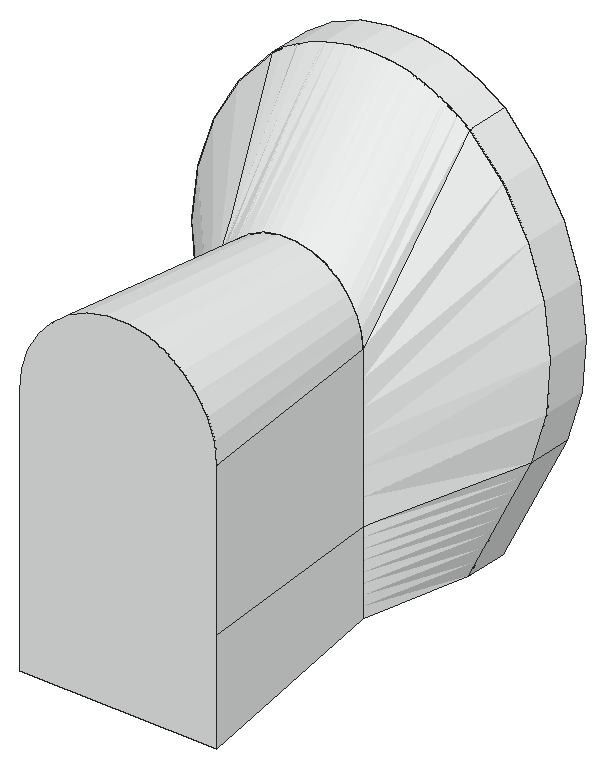
Revit family "Vaso_Val", category Plumbing Fixtures, host Face, Revit 2020
Family settings
  Host = Face
  Round Connector Dimension = Use Radius
  Part Type = Normal
  Cut with Voids When Loaded = No
  Shared = No
  Room Calculation Point = No
Parameters (values of type "VAS_VAL")
  WFU = 0
  URL = ""
  Raio Água Fria = 20 mm  # constant formula
  Raio Ponto de Esgoto = 50 mm  # constant formula
  Pressão = "2 a 40 mca"  # constant formula
  Model = ""
  Material Bacia = CT_Louças_Sanitárias
  Manufacturer = ""
  Flow Pressure = 0.00 psi
  Diâmetro Água Fria = Raio Água Fria * 2  # 40 mm
  Diâmetro Ponto de Esgoto = Raio Ponto de Esgoto * 2  # 100 mm
  Description = "Descrição do tipo"
  Default Elevation = 0 mm
  Código = ""
  Consumo = "6 lpf"  # constant formula
  CWFU = 0
  Assembly Code = "D2010110"
  Acompanha o Produto = ""
Reference planes
  plane 1 "Center (Front/Back)": y = 0
  plane 2: z = 0
  plane 3 "Center (Left/Right)": x = 0
  plane 4 "Top 2": y = 380
  plane 5 "Front 3": z = 573.75
  plane 6 "Front 1": z = 100
  plane 7 "Left 1": x = -187.322
  plane 8 "Right 1": x = 187.322
  plane 9 "Front 2": z = 260.003
  plane 10 "Top 1": y = 330
Forms (mm)
  Extrusion 1, solid, material "CT_Louças_Sanitárias" <- "Material Bacia", not visible
    sketch origin (0, 0, 122.514) x (1, 0, 0) y (0, 0, 1)
      loop
        circle (0, 137.486) r 50
    from 0 to -5.298
  Extrusion 2, solid, material "CT_Louças_Sanitárias" <- "Material Bacia", not visible
    sketch origin (0, 0, 0) x (1, 0, 0) y (0, 1, 0)
      loop
        circle (0, 330) r 19.05
    from 0 to -7.354
  Blend 3, solid, material "CT_Louças_Sanitárias" <- "Material Bacia"
    base sketch origin (0, 0, 0) x (1, 0, 0) y (0, 0, 1)
      loop
        line (-102.9, 368.106) -> (-102.9, 206.479) -> (-102.9, 106.479) -> (102.9, 106.479) -> (102.9, 212.233) -> (102.9, 370.942)
        arc (102.9, 370.942) -> (-1.398, 471.016) -> (-102.9, 368.106) r 102.919
    top sketch origin (0, 0, 0) x (1, 0, 0) y (0, 0, 1)
      loop
        line (-78.166, 373.106) -> (-78.166, 208.148) -> (-78.166, 122.542) -> (78.166, 122.542) -> (78.166, 208.148) -> (78.166, 373.106)
        arc (78.166, 373.106) -> (0, 451.272) -> (-78.166, 373.106) r 78.166
    from 0 to -220.356
  Blend 4, solid, material "CT_Louças_Sanitárias" <- "Material Bacia"
    base sketch origin (0, 0, 0) x (1, 0, 0) y (0, 0, 1)
      loop
        line (-78.166, 373.106) -> (-78.166, 208.148) -> (-78.166, 122.542) -> (78.166, 122.542) -> (78.166, 208.148) -> (78.166, 373.106)
        arc (78.166, 373.106) -> (0, 451.272) -> (-78.166, 373.106) r 78.166
    top sketch origin (0, 0, 0) x (1, 0, 0) y (0, 0, 1)
      loop
        arc (167.737, 251.688) -> (181.279, 406.351) -> (102.635, 540.212) r 255.054
        arc (102.635, 540.212) -> (0, 576.532) -> (-102.635, 540.212) r 163.175
        arc (-102.635, 540.212) -> (-181.279, 406.351) -> (-167.737, 251.688) r 255.054
        line (-167.737, 251.688) -> (-101.412, 122.542) -> (101.412, 122.542) -> (167.737, 251.688)
    from -220.356 to -329.579
  Extrusion 5, solid, material "CT_Louças_Sanitárias" <- "Material Bacia"
    sketch origin (0, 0, 0) x (1, 0, 0) y (0, 0, 1)
      loop
        arc (-102.635, 540.212) -> (-181.279, 406.351) -> (-167.737, 251.688) r 255.054
        line (-167.737, 251.688) -> (-101.412, 122.542) -> (101.412, 122.542) -> (167.737, 251.688)
        arc (167.737, 251.688) -> (181.279, 406.351) -> (102.635, 540.212) r 255.054
        arc (102.635, 540.212) -> (0, 576.532) -> (-102.635, 540.212) r 163.175
      loop
        arc (-70.243, 502.095) -> (-137.534, 350.065) -> (-70.025, 198.131) r 205.054
        arc (-70.025, 198.131) -> (0, 173.231) -> (70.025, 198.131) r 110.912
        arc (70.025, 198.131) -> (137.534, 350.065) -> (70.243, 502.095) r 205.054
        arc (70.243, 502.095) -> (0, 526.532) -> (-70.243, 502.095) r 113.175
    from -375 to -329.579
Lines and regions (mm)
  Masking region 1
    outline origin (0, 858.346, -21.126) x (0, 1, 0) y (0, 0, 1)
      loop
        arc (-646.235, 494.127) -> (-676.865, 475.541) -> (-712.546, 472.297) r 79.476
        line (-712.546, 472.297) -> (-853.719, 491.713)
        arc (-853.719, 491.713) -> (-856.668, 491.001) -> (-858.346, 488.473) r 4.154
        line (-858.346, 488.473) -> (-858.346, 128.473)
        arc (-858.346, 128.473) -> (-857.318, 125.991) -> (-854.835, 124.962) r 3.511
        line (-854.835, 124.962) -> (-679.276, 135.502)
        arc (-679.276, 135.502) -> (-658.714, 139.719) -> (-640.163, 149.54) r 74
        arc (-640.163, 149.54) -> (-637.452, 150.916) -> (-634.452, 151.415) r 10.004
        line (-634.452, 151.415) -> (-565.007, 151.415)
        arc (-565.007, 151.415) -> (-564.686, 148.634) -> (-562.211, 147.328) r 3
        line (-562.211, 147.328) -> (-481.196, 147.328)
        arc (-481.196, 147.328) -> (-479.181, 148.163) -> (-478.346, 150.178) r 2.85
        line (-478.346, 150.178) -> (-478.346, 593.057)
        arc (-478.346, 593.057) -> (-479.254, 595.249) -> (-481.445, 596.156) r 3.099
        arc (-481.445, 596.156) -> (-572.237, 558.703) -> (-646.235, 494.127) r 302.364
  Masking region 2
    outline origin (-747.05, -8.528, 0) x (1, 0, 0) y (0, 1, 0)
      loop
        line (647.88, 8.528) -> (747.05, 8.528) -> (846.22, 8.528)
        arc (846.22, 8.528) -> (849.234, 10.17) -> (849.811, 13.554) r 3.933
        line (849.811, 13.554) -> (847.538, 29.616) -> (845.915, 34.925) -> (825.517, 179.067)
        arc (825.517, 179.067) -> (826.577, 196.52) -> (834.386, 212.165) r 43.751
        arc (834.386, 212.165) -> (896.668, 291.728) -> (934.586, 385.383) r 362.734
        arc (934.586, 385.383) -> (933.814, 387.46) -> (931.872, 388.528) r 3.179
        line (931.872, 388.528) -> (747.05, 388.528) -> (562.228, 388.528)
        arc (562.228, 388.528) -> (560.286, 387.46) -> (559.514, 385.383) r 3.179
        arc (559.514, 385.383) -> (597.433, 291.728) -> (659.714, 212.165) r 362.734
        arc (659.714, 212.165) -> (667.524, 196.52) -> (668.583, 179.067) r 43.751
        line (668.583, 179.067) -> (648.185, 34.925) -> (646.562, 29.616) -> (644.289, 13.554)
        arc (644.289, 13.554) -> (644.866, 10.17) -> (647.88, 8.528) r 3.933
  Masking region 3
    outline origin (0, 330, 0) x (-1, 0, 0) y (0, 0, 1)
      loop
        arc (107.126, 133.655) -> (146.468, 206.339) -> (176.858, 283.196) r 691.544
        arc (176.858, 283.196) -> (188.038, 353.196) -> (176.858, 423.196) r 224.734
        arc (176.858, 423.196) -> (142.268, 490.784) -> (88.572, 544.462) r 243.914
        arc (88.572, 544.462) -> (2.006, 573.263) -> (-85.302, 546.795) r 150.581
        arc (-85.302, 546.795) -> (-141.074, 492.401) -> (-176.851, 423.196) r 243.914
        arc (-176.851, 423.196) -> (-188.031, 353.196) -> (-176.851, 283.196) r 224.734
        arc (-176.851, 283.196) -> (-146.461, 206.339) -> (-107.119, 133.655) r 691.544
        arc (-107.119, 133.655) -> (-96.974, 125.83) -> (-84.578, 122.59) r 32.133
        line (-84.578, 122.59) -> (-74.586, 122.59)
        arc (-74.586, 122.59) -> (-62.545, 110.932) -> (-47.022, 104.614) r 44.069
        arc (-47.022, 104.614) -> (0.003, 100.008) -> (47.029, 104.613) r 242.379
        arc (47.029, 104.613) -> (62.552, 110.932) -> (74.594, 122.59) r 44.069
        line (74.594, 122.59) -> (81.058, 122.59)
        arc (81.058, 122.59) -> (95.377, 125.096) -> (107.126, 133.655) r 32.133
  symbolic lines
    curve 1: arc (-24.727, 0, 103.174) -> (-35.584, 0, 109.273) -> (-39.889, 0, 120.957) r 18.01
    curve 2: arc (24.991, 0, 103.174) -> (0.132, 0, 101.197) -> (-24.727, 0, 103.174) r 157.242
    curve 3: arc (40.154, 0, 120.957) -> (35.849, 0, 109.273) -> (24.991, 0, 103.174) r 18.01
    curve 4: line (-74.458, 0, 122.542) -> (74.54, 0, 122.542)
    curve 5: line (-39.889, 0, 120.957) -> (-39.889, 0, 122.542)
    curve 6: line (40.154, 0, 120.957) -> (40.154, 0, 122.542)
    curve 7: arc (0, 367, 126.078) -> (0, 364.879, 126.957) -> (0, 364, 129.078) r 3
    curve 8: line (0, 364, 220.731) -> (0, 364, 129.078)
    curve 9: line (0, 294.127, 196.205) -> (0, 294.127, 145.111)
    curve 10: line (0, 294.127, 145.111) -> (0, 234.854, 145.111)
    curve 11: arc (0, 248.635, 188.119) -> (0, 245.106, 165.538) -> (0, 234.854, 145.111) r 74
    curve 12: arc (0, 225.89, 241.495) -> (0, 242.712, 217.129) -> (0, 248.635, 188.119) r 74
    curve 13: line (0, 267.161, 221.081) -> (0, 294.127, 196.205)
    curve 14: arc (0, 234.372, 231.794) -> (0, 195.251, 269.713) -> (0, 153.45, 304.656) r 741.271
    curve 15: arc (0, 153.45, 304.656) -> (0, 152.939, 307.258) -> (0, 155.448, 308.117) r 2.016
    curve 16: arc (0, 155.448, 308.117) -> (0, 213.117, 266.925) -> (0, 267.161, 221.081) r 851.615
    curve 17: arc (0, 155.448, 308.117) -> (0, 145.743, 312.555) -> (0, 135.161, 313.934) r 35.78
    curve 18: arc (0, 135.161, 313.934) -> (0, 104.536, 314.293) -> (0, 74.206, 310.036) r 202.747
    curve 19: line (0, 74.206, 310.036) -> (0, 29.316, 306.896)
    curve 20: line (0, 29.316, 306.896) -> (0, 29.316, 205.995)
    curve 21: arc (0, 29.316, 205.995) -> (0, 34.972, 182.434) -> (0, 50.709, 164.008) r 51.899
    curve 22: arc (0, 50.709, 164.008) -> (0, 71.476, 152.018) -> (0, 94.282, 144.608) r 114.704
    curve 23: arc (0, 94.282, 144.608) -> (0, 67.619, 151.774) -> (0, 44.453, 166.794) r 88.677
    curve 24: arc (0, 44.453, 166.794) -> (0, 30.469, 186.01) -> (0, 25.545, 209.26) r 56.947
    curve 25: line (0, 25.545, 209.26) -> (0, 25.545, 331.649)
    curve 26: line (0, 173.526, 192.687) -> (0, 99.932, 254.275)
    curve 27: arc (0, 99.932, 254.275) -> (0, 77.982, 279.119) -> (0, 64.374, 309.348) r 110.677
    curve 28: arc (0, 98.089, 230.708) -> (0, 66.54, 265.51) -> (0, 46.762, 308.116) r 156.231
    curve 29: line (0, 98.089, 230.708) -> (0, 145.351, 192.495)
    curve 30: arc (0, 145.351, 192.495) -> (0, 157.169, 185.948) -> (0, 170.512, 183.825) r 39.009
    curve 31: arc (0, 170.512, 183.825) -> (0, 175.056, 187.224) -> (0, 173.526, 192.687) r 5.018
    curve 32: line (0, 25.545, 209.26) -> (0, 25.545, 139.26)
    curve 33: arc (0, 25.545, 139.26) -> (0, 35.002, 116.43) -> (0, 57.832, 106.973) r 32.286
    curve 34: arc (-45.953, 170.56, 0) -> (0.012, 164.446, 0) -> (45.976, 170.56, 0) r 175.828
Dimensions and locks
  plane 4 "Top 2" to plane 1 "Center (Front/Back)" = 380 mm
  plane 5 "Front 3" to plane 2 = 573.75 mm
  plane 1 "Center (Front/Back)" to plane 4 "Top 2" = 380 mm
  plane 5 "Front 3" to plane 6 "Front 1" to host face = 473.75 mm, 100 mm  (x2)
  plane 5 "Front 3" to host face = 573.75 mm
  plane 7 "Left 1" to plane 8 "Right 1" = 374.644 mm  (x2)
  aligned and locked: host face to plane 2
  aligned and locked: level to host face
Connectors
  piping at (0, 0, 260), diameter 100, driven by "Raio Ponto de Esgoto", driven by "WFU"
    settings: on Extrusion 1, index 1, connector inside diameter 3.93701", connector length 0 mm, flow factor 0, pipe flow 0 GPM, pressure drop 0.00 psi, fitting loss kfactor 0, connector angle 0.00°, fixture units 0, engagement length 0 mm, angle of deflection 0.00°, flow configuration 3, flow direction 2, fitting loss method 0, system type 16, joint type 0, gender type 0, connector reference index -1, connector utility 0, adjustable connector no, is connector primary yes, connector description ""
  piping at (0, 330, 0), diameter 40, driven by "Raio Água Fria", driven by "Flow Pressure", driven by "CWFU"
    settings: on Extrusion 2, index 2, connector inside diameter 1.5748", connector length 0 mm, flow factor 0, pipe flow 0 GPM, pressure drop 0.00 psi, fitting loss kfactor 0, connector angle 0.00°, fixture units 0, engagement length 0 mm, angle of deflection 0.00°, flow configuration 3, flow direction 1, fitting loss method 4, system type 20, joint type 0, gender type 0, connector reference index -1, connector utility 0, adjustable connector no, is connector primary no, connector description ""
